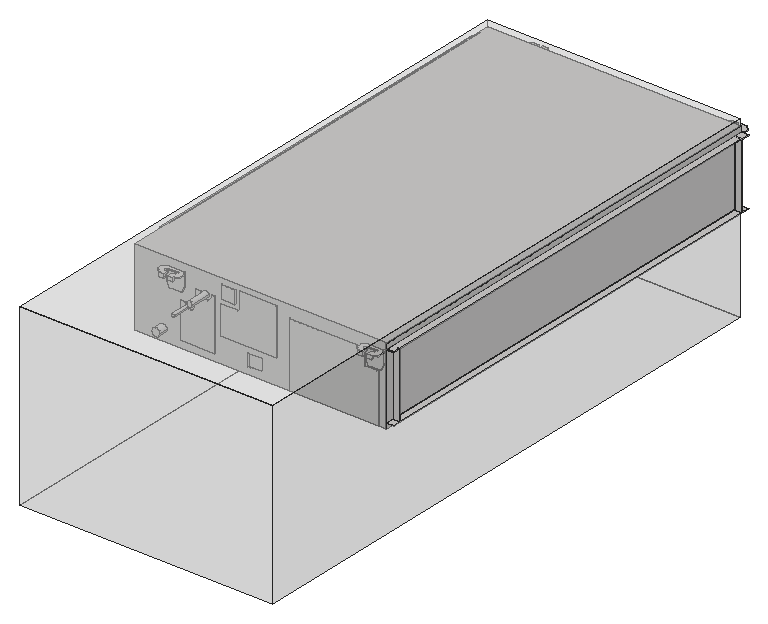
Revit family "outputfile", category 機械設備, Revit 2024
Family settings
  丸型コネクタ寸法 = 半径を使用
  パーツ タイプ = 標準
  OmniClass 番号 = 23.75.10.24.21.27.27
  OmniClass タイトル = Split System Air Conditioning Units
  作業面ベース = いいえ
  常に垂直 = はい
  ロード時にボイドで切り取り = いいえ
  注釈の向きを維持 = いいえ
  共有 = いいえ
  部屋計算ポイント = はい
Parameters (values of type "FBFC140DVM9")
  Description = ""
  製造元 = "Daikin"
  書き出し IFC クラス(タイプ) = "IfcUnitaryEquipmentType"
  定義済み IFC タイプ(タイプ) = "AIRCONDITIONINGUNIT"
  Cost = 0
  モデル = "FBFC140DVM9"
  Type Comments = ""
  Keynote = ""
  Type Image = (empty or 0)
  Assembly Code = ""
  switch_frequency = yes
  r_Liquid Pipe Size = Liquid Pipe Size / 2  # 4.75 mm
  r_Gas Pipe Size = Gas Pipe Size / 2  # 7.95 mm
  r_Drain Pipe Size = Drain Pipe Size / 2  # 12.5 mm
  lw_power = 770.0 mm  # constant formula
  lh_SA = 138.0 mm  # constant formula
  lw_SA = if(Depth = 550.0 mm, 225.0 mm, if(Depth = 700.0 mm, 300.0 mm, if(Depth = 1000.0 mm, 450.0 mm, if(Depth = 1400.0 mm, 650.0 mm, 725.0 mm))))  # 650.0 mm
  lw_RA = if(Depth = 550.0 mm, 275.0 mm, if(Depth = 700.0 mm, 349.0 mm, if(Depth = 1000.0 mm, 499.0 mm, if(Depth = 1400.0 mm, 699.0 mm, 775.0 mm))))  # 699.0 mm
  lh_power = 60.0 mm + [h***]  # 60.0 mm
  lh_mountinghole1 = lh_mountinghole + [h***]  # 222.0 mm
  lh_RA = 123.0 mm  # constant formula
  ld_power = Depth / 2  # 700.0 mm
  connector_voltage = Voltage_50Hz  # 230 V
  connector_powerinput = [Power Input (Cooling)]  # 0.000 kW
  connector_phase = Phase_50Hz  # 1
  Voltage_comment_50Hz = "220 - 240"
  Voltage_50Hz = 230 V
  URL = ""
  Supply Air Direction [instance] = yes
  Sound Power Level_H speed (dB) = 0
  Phase_50Hz = 1
  Minimum External Static Pressure = 50.00 Pa
  Minimum Circuit Amps_50Hz = 0.0 A
  Maximum Fuse Amps_50Hz = 0.0 A
  Maximum External Static Pressure = 150.00 Pa
  Material_Casing = DAIKIN_GalvanizedSteel_Casing_indoorunit
  lw_mountinghole = 630.0 mm  # constant formula
  lh_gaspipe = 183.0 mm + [h***]  # 183.0 mm
  lh_mountinghole = 222.0 mm  # constant formula
  lh_liquidpipe = 136.0 mm + [h***]  # 136.0 mm
  lh_drainpipe = 38.0 mm + [h***]  # 38.0 mm
  lh_antena = Height - lh_mountinghole + 1.0 mm  # 24.0 mm
  ld_drainpipe = Depth / 2 + 26.0 mm  # 726.0 mm
  ld_liquidpipe = Depth / 2 + 69.0 mm  # 769.0 mm
  ld_gaspipe = Depth / 2 + 65.0 mm  # 765.0 mm
  ld_mountinghole = Depth + 38.0 mm  # 1438.0 mm
  h*** = 0.0 mm  # constant formula
  lw_liquidpipe = 179.0 mm  # constant formula
  lw_gaspipe = 229.0 mm  # constant formula
  lw_drainpipe = 91.0 mm  # constant formula
  Width = 800.0 mm
  Version = "ver.1.0"
  Unit Type = "M.S.P. Duct"
  Unit Mass Weight = 46.00 kg
  Unit Designation [instance] = ""
  Uniclass2015Version = "Products v1.30"
  Uniclass2015Title = "Split coil room air conditioning units"
  Uniclass2015Code = "Pr_70_65_03_86"
  Total Cooling Capacity [instance] = 0.000 kW
  Sound Pressure Level_M speed (dBA) = 37.5
  Sound Pressure Level_L speed (dBA) = 35
  Sound Pressure Level_H speed (dBA) = 40
  Series = "SkyAir_Fan Coil Unit"
  Sensible Cooling Capacity [instance] = 0.000 kW
  SA Duct Size Width = 1192.0 mm
  SA Duct Size Height = 176.0 mm
  Refrigerant Type = "R32"
  RA Duct Size Width = 1352.0 mm
  RA Duct Size Height = 208.0 mm
  Power Input (Cooling) = 0.000 kW
  Option Accessory 3 [instance] = ""
  Option Accessory 2 [instance] = ""
  Option Accessory 1 [instance] = ""
  Nominal Cooling Capacity = 14.000 kW
  Minimum Airflow = 1500.00 m³/h
  Median Airflow = 1830.00 m³/h
  Maximum Airflow = 2160.00 m³/h
  Load Classification = HVAC
  Liquid Pipe Size = 9.5 mm
  Link_Nested Family [instance] = ""
  IfcVersion = ""
  IfcExportType = "AIRCONDITIONINGUNIT"
  IfcExportAs = "IfcUnitaryEquipmentType"
  Height = 245.0 mm
  Heat Exchanger Type = "Cross Fin Coil"
  Gas Pipe Size = 15.9 mm
  Frequency_50Hz = 50 Hz
  Fan Type = "Sirocco Fan"
  Fan Drive = "Direct Drive"
  FCU Tag No. [instance] = ""
  Drain Pipe Size = 25.0 mm
  Design Supply Airflow [instance] = 0.00 m³/h
  Design Return Airflow [instance] = 0.00 m³/h
  Design External Static Pressure [instance] = 0.00 Pa
  Depth = 1400.0 mm
  既定の高さ = 0.0 mm
  Cooling Entering Wet Bulb Temperature [instance] = 0.00 °C
  Cooling Entering Dry Bulb Temperature [instance] = 0.00 °C
  Cooling Ambient Wet Bulb Temperature [instance] = 0.00 °C
  Cooling Ambient Dry Bulb Temperature [instance] = 0.00 °C
  Clearance visibility [instance] = yes
  Clearance Top = 20.0 mm
  Clearance Right = 0.0 mm
  Clearance Rear = 0.0 mm
  Clearance Left = 0.0 mm
  Clearance Front = 450.0 mm
  Clearance Bottom = 300.0 mm
Reference planes
  plane 1 "Center (Front/Back)": y = 0
  plane 2 "h": z = 0
  plane 3 "Center (Left/Right)": x = 0
  plane 4 "Back": y = 700
  plane 5 "Front": y = -700
  plane 6 "Left": x = -400
  plane 7 "Right": x = 400
  plane 8 "Top": z = 0
  plane 9 "Bottom": z = -245
  plane 10: y = -215
  plane 11: y = 700
  plane 12: y = -1150
  plane 13: x = -400
  plane 14: x = 400
  plane 15: z = 20
  plane 16: z = -545
  plane 17: x = -400
  plane 18: x = -399
  plane 19: x = 399
  plane 20: y = 50
  plane 21: y = -1
  plane 22: z = -122
  plane 23: y = -701
  plane 24: z = -109
  plane 25: x = -221
  plane 26: y = -765
  plane 27: z = -62
  plane 28: x = -171
  plane 29: y = -726
  plane 30: z = -207
  plane 31: x = -309
  plane 32: x = -309
  plane 33: x = -221
  plane 34: x = -171
  plane 35: x = 370
  plane 36: x = -266
  plane 37: x = 364
  plane 38: y = -719
  plane 39: y = 719
  plane 40: z = -23
  plane 41: z = -107
  plane 42: y = -769
  plane 43: y = -376
  plane 44: x = -251
  plane 45: x = -203
  plane 46: x = -144
  plane 47: z = -59
  plane 48: z = -106
  plane 49: z = -221
  plane 50: z = -109
  plane 51: x = -221
  plane 52: z = -62
  plane 53: x = -171
  plane 54: z = -17
  plane 55: z = -59
  plane 56: x = -121
  plane 57: x = -79
  plane 58: x = -125
  plane 59: x = -64
  plane 60: x = 53
  plane 61: z = -164
  plane 62: z = -73
  plane 63: z = -16
  plane 64: x = 93.5
  plane 65: x = 374.5
  plane 66: x = 330
  plane 67: z = -88.5
  plane 68: z = -38
  plane 69: z = -242.5
  plane 70: x = -38.5
  plane 71: x = 6.5
  plane 72: z = -181
  plane 73: z = -221
  plane 74: y = -699
  plane 75: x = -424
  plane 76: x = 424
Forms (mm)
  Extrusion 1, solid, material "DAIKIN_GalvanizedSteel_Casing_indoorunit" <- "Material_Casing"
    sketch origin (0, 0, 0) x (1, 0, 0) y (0, 1, 0)
      loop
        line (-399, 700) -> (-399, -700) -> (399, -700) -> (399, 700) -> (-399, 700)
    from -245 to 0
  Extrusion 2, solid, material "DAIKIN_GalvanizedSteel_Casing_indoorunit" <- "Material_Casing"
    sketch origin (0, 0, 0) x (1, 0, 0) y (0, 0, 1)
      loop
        line (-251, -221) -> (-144, -221) -> (-144, -59) -> (-154.47, -59)
        arc (-154.47, -59) -> (-171, -78.8) -> (-187.53, -59) r 16.8
        line (-187.53, -59) -> (-203, -59) -> (-203, -106) -> (-206.916, -106)
        arc (-206.916, -106) -> (-221, -123.4) -> (-235.084, -106) r 14.4
        line (-235.084, -106) -> (-251, -106) -> (-251, -221)
    from 700 to 701
  Extrusion 3, solid, material "DAIKIN_GalvanizedSteel_Casing_indoorunit" <- "Material_Casing"
    sketch origin (0, 0, 0) x (1, 0, 0) y (0, 0, 1)
      loop
        line (-121, -17) -> (-121, -59) -> (-79, -59) -> (-79, -17) -> (-121, -17)
      loop
        line (-125, -73) -> (-125, -164) -> (53, -164) -> (53, -16) -> (-64, -16) -> (-64, -73) -> (-125, -73)
    from 700 to 701
  Extrusion 4, solid, material "DAIKIN_GalvanizedSteel_Casing_indoorunit" <- "Material_Casing"
    sketch origin (0, 0, 0) x (1, 0, 0) y (0, 0, 1)
      loop
        line (93.5, -38) -> (93.5, -242.5) -> (374.5, -242.5) -> (374.5, -88.5) -> (330, -88.5) -> (330, -38) -> (93.5, -38)
    from 700 to 701
  Extrusion 5, solid, material "DAIKIN_GalvanizedSteel_Casing_indoorunit" <- "Material_Casing"
    sketch origin (0, 0, 0) x (1, 0, 0) y (0, 0, 1)
      loop
        circle (-221, -109) r 4.75
    from 700 to 769
  Extrusion 6, solid, material "DAIKIN_GalvanizedSteel_Casing_indoorunit" <- "Material_Casing"
    sketch origin (0, 0, 0) x (1, 0, 0) y (0, 0, 1)
      loop
        circle (-171, -62) r 7.95
    from 700 to 765
  Extrusion 7, solid, material "DAIKIN_GalvanizedSteel_Casing_indoorunit" <- "Material_Casing"
    sketch origin (0, 0, 0) x (1, 0, 0) y (0, 0, 1)
      loop
        circle (-309, -207) r 12.5
    from 700 to 726
  Extrusion 8, void
    sketch origin (0, 0, 0) x (1, 0, 0) y (0, 0, 1)
      loop
        line (-38.5, -181) -> (-38.5, -221) -> (6.5, -221) -> (6.5, -181) -> (-38.5, -181)
    from 699 to 700
Cuts and joins
  Extrusion 8 cuts Extrusion 1
Dimensions and locks
  "Height": plane 8 "Top" to plane 9 "Bottom"
  equal spacing: plane 4 "Back", plane 1 "Center (Front/Back)", plane 5 "Front"
  "Depth": plane 4 "Back" to plane 5 "Front"
  equal spacing: plane 6 "Left", plane 3 "Center (Left/Right)", plane 7 "Right"
  "Width": plane 6 "Left" to plane 7 "Right"
  "Clearance Left": plane 13 to plane 6 "Left"
  "Clearance Right": plane 7 "Right" to plane 14
  "Clearance Rear": plane 11 to plane 4 "Back"
  "Clearance Front": plane 5 "Front" to plane 12
  "Clearance Top": plane 15 to plane 8 "Top"
  "Clearance Bottom": plane 9 "Bottom" to plane 16
  locked: plane 17 to plane 18 at 1
  locked: plane 19 to plane 14 at 1
  "lw_SA": plane 11 to plane 20
  "lw_RA": plane 21 to plane 5 "Front"
  "lh_RA": plane 22 to plane 9 "Bottom"
  locked: plane 5 "Front" to plane 23 at 1
  "lw_liquidpipe": plane 25 to plane 6 "Left"
  "lh_liquidpipe": plane 24 to plane 9 "Bottom"
  "lh_gaspipe": plane 27 to plane 9 "Bottom"
  "lw_gaspipe": plane 28 to plane 6 "Left"
  "ld_gaspipe": plane 26 to plane 1 "Center (Front/Back)"
  "ld_drainpipe": plane 29 to plane 1 "Center (Front/Back)"
  "lh_drainpipe": plane 30 to plane 9 "Bottom"
  "lw_drainpipe": plane 31 to plane 6 "Left"
  "lw_drainpipe": plane 6 "Left" to plane 32
  "lw_liquidpipe": plane 6 "Left" to plane 33
  "lw_gaspipe": plane 6 "Left" to plane 34
  "lw_power": plane 6 "Left" to plane 35
  locked: plane 17 to plane 36 at 134
  "lw_mountinghole": plane 36 to plane 37
  equal spacing: plane 38, plane 1 "Center (Front/Back)", plane 39
  "ld_mountinghole": plane 39 to plane 38
  "lh_mountinghole": plane 40 to plane 9 "Bottom"
  "lh_SA": plane 41 to plane 9 "Bottom"
  plane 46 to plane 45 to plane 44 to plane 6 "Left" = 59.0 mm, 48.0 mm, 149.0 mm
  plane 8 "Top" to plane 47 to plane 48 to plane 49 = 59.0 mm locked, 47.0 mm locked, 115.0 mm locked
  plane 53 to plane 51 to plane 6 "Left" = 50.0 mm locked, 179.0 mm locked
  plane 52 to plane 50 to plane 9 "Bottom" = 47.0 mm locked, 136.0 mm locked
  plane 57 to plane 56 to plane 6 "Left" = 42.0 mm locked, 279.0 mm locked
  plane 8 "Top" to plane 54 to plane 55 = 17.0 mm locked, 42.0 mm locked
  plane 60 to plane 59 to plane 58 to plane 6 "Left" = 117.0 mm, 61.0 mm, 275.0 mm
  plane 8 "Top" to plane 63 to plane 62 = 16.0 mm locked, 57.0 mm locked
  locked: plane 63 to plane 61 at 148
  plane 8 "Top" to plane 68 to plane 67 to plane 69 = 38.0 mm locked, 50.5 mm locked, 154.0 mm locked
  plane 65 to plane 66 to plane 64 to plane 6 "Left" = 44.5 mm locked, 236.5 mm locked, 493.5 mm locked
  plane 8 "Top" to plane 72 to plane 73 = 181.0 mm locked, 40.0 mm locked
  plane 71 to plane 70 to plane 6 "Left" = 45.0 mm, 361.5 mm
  locked: plane 74 to plane 5 "Front" at 1
  locked: plane 75 to plane 17 at 24
  locked: plane 14 to plane 76 at 24
  "ld_liquidpipe": plane 42 to plane 1 "Center (Front/Back)"
  "r_Liquid Pipe Size": radius of Extrusion 5 sketch curve
  "r_Gas Pipe Size": radius of Extrusion 6 sketch curve
  "r_Drain Pipe Size": radius of Extrusion 7 sketch curve
  aligned and locked: level to plane 2 "h"
  aligned and locked: plane 8 "Top" to Extrusion 1
  aligned and locked: Extrusion 1 to plane 9 "Bottom"
  aligned and locked: nested 5 to plane 12
  aligned and locked: plane 13 to nested 5
  aligned and locked: plane 14 to nested 5
  aligned and locked: nested 5 to plane 13
  aligned and locked: plane 11 to nested 5
  aligned and locked: plane 15 to nested 5
  aligned and locked: plane 16 to nested 5
  aligned and locked: plane 5 "Front" to Extrusion 1 sketch curve
  aligned and locked: Extrusion 1 to plane 18
  aligned and locked: plane 19 to Extrusion 1
  aligned and locked: nested 7 to plane 18
  aligned and locked: nested 7 to plane 20
  aligned and locked: plane 19 to nested 8
  aligned and locked: plane 21 to nested 8
  aligned and locked: plane 22 to nested 8
  aligned and locked: Extrusion 2 to plane 23
  aligned and locked: plane 5 "Front" to Extrusion 2
  aligned and locked: Extrusion 3 to plane 23
  aligned and locked: plane 5 "Front" to Extrusion 3
  aligned and locked: plane 5 "Front" to Extrusion 4
  aligned and locked: Extrusion 5 sketch curve to plane 25
  aligned and locked: plane 24 to Extrusion 5 sketch curve
  aligned and locked: plane 5 "Front" to Extrusion 5
  aligned and locked: Extrusion 6 sketch curve to plane 28
  aligned and locked: plane 27 to Extrusion 6 sketch curve
  aligned and locked: plane 5 "Front" to Extrusion 6
  aligned and locked: Extrusion 7 sketch curve to plane 31
  aligned and locked: plane 30 to Extrusion 7 sketch curve
  aligned and locked: Extrusion 7 to plane 29
  aligned and locked: nested 3 to plane 29
  aligned and locked: nested 3 to plane 32
  aligned and locked: nested 2 to plane 33
  aligned and locked: nested 1 to plane 34
  aligned and locked: Extrusion 6 to plane 26
  aligned and locked: nested 1 to plane 26
  aligned and locked: nested 6 to plane 5 "Front"
  aligned and locked: nested 6 to plane 35
  aligned and locked: plane 36 to nested 10
  aligned and locked: nested 10 to plane 5 "Front"
  aligned and locked: plane 37 to nested 9
  aligned and locked: nested 9 to plane 5 "Front"
  aligned and locked: nested 11 to plane 36
  aligned and locked: plane 4 "Back" to nested 11
  aligned and locked: nested 12 to plane 37
  aligned and locked: plane 4 "Back" to nested 12
  aligned and locked: plane 40 to nested 10
  aligned and locked: plane 40 to nested 11
  aligned and locked: plane 40 to nested 9
  aligned and locked: plane 40 to nested 12
  aligned and locked: plane 36 to nested 14
  aligned and locked: nested 14 to plane 39
  aligned and locked: plane 37 to nested 13
  aligned and locked: nested 13 to plane 39
  aligned and locked: plane 37 to nested 16
  aligned and locked: plane 38 to nested 16
  aligned and locked: plane 38 to nested 15
  aligned and locked: plane 36 to nested 15
  aligned and locked: plane 17 to plane 6 "Left"
  aligned and locked: plane 41 to nested 7
  aligned and locked: Extrusion 5 to plane 42
  aligned and locked: nested 2 to plane 42
  aligned and locked: Extrusion 3 sketch curve to plane 54
  aligned and locked: Extrusion 3 sketch curve to plane 56
  aligned and locked: plane 55 to Extrusion 3 sketch curve
  aligned and locked: plane 57 to Extrusion 3 sketch curve
  aligned and locked: Extrusion 4 to plane 23
  aligned and locked: Extrusion 8 sketch curve to plane 72
  aligned and locked: plane 73 to Extrusion 8 sketch curve
  aligned and locked: plane 71 to Extrusion 8 sketch curve
  aligned and locked: plane 5 "Front" to Extrusion 8
  aligned and locked: plane 74 to Extrusion 8
  aligned and locked: nested 17 to plane 20
  aligned and locked: nested 17 to plane 75
  aligned and locked: plane 21 to nested 18
  aligned and locked: plane 76 to nested 18
  aligned and locked: plane 41 to nested 17
  aligned and locked: nested 18 to plane 22
  aligned and locked: nested 4 to plane 3 "Center (Left/Right)"
  aligned and locked: plane 1 "Center (Front/Back)" to nested 4
  aligned and locked: level to plane 8 "Top"
  aligned and locked: plane 5 "Front" to Extrusion 7
Automatic sketch dimensions
  plane 6 "Left" to Extrusion 1 sketch curve = 1.0 mm
  Extrusion 1 sketch curve to plane 7 "Right" = 1.0 mm
  Extrusion 1 sketch curve to plane 4 "Back" = 0.0 mm
  Extrusion 2 sketch curve to plane 44 = 0.0 mm
  Extrusion 2 sketch curve to plane 33 = 0.0 mm
  Extrusion 2 sketch curve to plane 45 = 0.0 mm
  Extrusion 2 sketch curve to plane 34 = 0.0 mm
  Extrusion 2 sketch curve to plane 46 = 0.0 mm
  Extrusion 2 sketch curve to plane 49 = 0.0 mm
  Extrusion 2 sketch curve to plane 50 = 0.0 mm
  Extrusion 2 sketch curve to plane 48 = 0.0 mm  (x3)
  Extrusion 2 sketch curve to plane 52 = 0.0 mm
  Extrusion 2 sketch curve to plane 47 = 0.0 mm  (x3)
  plane 33 to Extrusion 2 sketch curve = 14.084 mm
  plane 34 to Extrusion 2 sketch curve = 16.53 mm
  Extrusion 3 sketch curve to plane 58 = 0.0 mm
  Extrusion 3 sketch curve to plane 59 = 0.0 mm
  Extrusion 3 sketch curve to plane 60 = 0.0 mm
  Extrusion 3 sketch curve to plane 61 = 0.0 mm
  Extrusion 3 sketch curve to plane 62 = 0.0 mm
  Extrusion 3 sketch curve to plane 63 = 0.0 mm
  Extrusion 4 sketch curve to plane 64 = 0.0 mm
  Extrusion 4 sketch curve to plane 66 = 0.0 mm
  Extrusion 4 sketch curve to plane 65 = 0.0 mm
  Extrusion 4 sketch curve to plane 69 = 0.0 mm
  Extrusion 4 sketch curve to plane 67 = 0.0 mm
  Extrusion 4 sketch curve to plane 68 = 0.0 mm
  Extrusion 8 sketch curve to plane 70 = 0.0 mm
Nested families
  nested 1: "daikin_connector_rotate2" at (-171, 0, -62), length <- "ld_gaspipe", built-in parameter 1001364 <- "lh_gaspipe", radius <- "r_Gas Pipe Size", type "daikin_connector_rotate2"
    with radius 7.95 mm, length 765.0 mm, angle_vertical 90.00°
  nested 2: "daikin_connector_rotate2" at (-221, 0, -109), length <- "ld_liquidpipe", built-in parameter 1001364 <- "lh_liquidpipe", radius <- "r_Liquid Pipe Size", type "daikin_connector_rotate2"
    with radius 4.75 mm, length 769.0 mm, angle_vertical 90.00°
  nested 3: "daikin_connector_rotate2" at (-309, 0, -207), length <- "ld_drainpipe", built-in parameter 1001364 <- "lh_drainpipe", radius <- "r_Drain Pipe Size", type "daikin_connector_rotate2"
    with radius 12.5 mm, length 726.0 mm, angle_vertical 90.00°
  nested 4: "daikin_△_symbolicline" at (0, 0, 245) x (0, -1, 0) z (0, 0, 1), built-in parameter 1001364 <- "Height", visible <- "Supply Air Direction", type "daikin_△_symbolicline"
    with length 200.0 mm
  nested 5: "daikin_clearancespace" at (0, -225, -262.381), visible <- "Clearance visibility", show <- "Clearance visibility", Link_Nested Family <- "Link_Nested Family", type "daikin_clearancespace"
    with width 800.0 mm, show yes, height 565.0 mm, depth 1850.0 mm, Link_Nested Family ""
  nested 6: "daikin_connector_rotate2" at (370, 0, -185), built-in parameter 1001364 <- "lh_power", length <- "ld_power", type "daikin_connector_rotate2"
    with radius 10.0 mm, length 700.0 mm, angle_vertical 90.00°
  nested 7: "daikin_ductflange_FBFC-DVM92" at (-399, 50, -107) x (0, -1, 0) z (0, 0, 1), type "daikin_ductflange_FBFC-DVM92"
  nested 8: "daikin_ductflange_FBFC-DVM9" at (399, -1, -122) x (0, 1, 0) z (0, 0, 1), type "daikin_ductflange_FBFC-DVM9"
    with width 1352.0 mm, lw 25.0 mm, w 1400.0 mm
  nested 9: "daikin_hangerfixture_FBFC-DVM9" at (364, -700, -23), type "daikin_hangerfixture_FBFC-DVM9"
  nested 10: "daikin_hangerfixture_FBFC-DVM9" at (-266, -700, -23), type "daikin_hangerfixture_FBFC-DVM9"
  nested 11: "daikin_hangerfixture_FBFC-DVM9" at (-266, 700, -23) x (-1, 0, 0) z (0, 0, 1), type "daikin_hangerfixture_FBFC-DVM9"
  nested 12: "daikin_hangerfixture_FBFC-DVM9" at (364, 700, -23) x (-1, 0, 0) z (0, 0, 1), type "daikin_hangerfixture_FBFC-DVM9"
  nested 13: "daikin_mountinghole" at (364, 719, -245), h_mountinghole <- "lh_mountinghole1", l_antenna <- "lh_antena", Link_Nested Family <- "Link_Nested Family", type "daikin_mountinghole"
    with show yes, l_antenna 24.0 mm, h_mountinghole 222.0 mm, Link_Nested Family ""
  nested 14: "daikin_mountinghole" at (-266, 719, -245), h_mountinghole <- "lh_mountinghole1", l_antenna <- "lh_antena", Link_Nested Family <- "Link_Nested Family", type "daikin_mountinghole"
    with show yes, l_antenna 24.0 mm, h_mountinghole 222.0 mm, Link_Nested Family ""
  nested 15: "daikin_mountinghole" at (-266, -719, -245), h_mountinghole <- "lh_mountinghole1", l_antenna <- "lh_antena", Link_Nested Family <- "Link_Nested Family", type "daikin_mountinghole"
    with show yes, l_antenna 24.0 mm, h_mountinghole 222.0 mm, Link_Nested Family ""
  nested 16: "daikin_mountinghole" at (364, -719, -245), h_mountinghole <- "lh_mountinghole1", l_antenna <- "lh_antena", Link_Nested Family <- "Link_Nested Family", type "daikin_mountinghole"
    with show yes, l_antenna 24.0 mm, h_mountinghole 222.0 mm, Link_Nested Family ""
  nested 17: "daikin_connector_rotate2" at (-400, 50, -107) x (0, -1, 0) z (0, 0, 1), type "daikin_connector_rotate2"
    with radius 10.0 mm, length 24.0 mm, angle_vertical 90.00°
  nested 18: "daikin_connector_rotate2" at (400, -1, -122) x (0, 1, 0) z (0, 0, 1), type "daikin_connector_rotate2"
    with radius 10.0 mm, length 24.0 mm, angle_vertical 90.00°
Connectors
  piping at (-309, -726, -207), diameter 25, driven by "r_Drain Pipe Size"
    settings: on nested 3, index 3, connector inside diameter 609.6 mm, connector length 0.0 mm, flow factor 0, pipe flow 0.00 m³/h, pressure drop 0.0 Pa, fitting loss kfactor 0, connector angle 0.00°, fixture units 0, engagement length 0.0 mm, angle of deflection 0.00°, flow configuration 1, flow direction 2, fitting loss method 4, system type 16, joint type 0, gender type 0, connector reference index -1, connector utility 0, adjustable connector no, is connector primary yes, connector description "Condensate Drain Piping"
  piping at (-171, -765, -62), diameter 15.9, driven by "r_Gas Pipe Size"
    settings: on nested 1, index 4, connector inside diameter 609.6 mm, connector length 0.0 mm, flow factor 0, pipe flow 0.00 m³/h, pressure drop 0.0 Pa, fitting loss kfactor 0, connector angle 0.00°, fixture units 0, engagement length 0.0 mm, angle of deflection 0.00°, flow configuration 1, flow direction 2, fitting loss method 0, system type 29, joint type 0, gender type 0, connector reference index -1, connector utility 0, adjustable connector no, is connector primary no, connector description "Refrigerant Gas Piping"
  piping at (-221, -769, -109), diameter 9.5, driven by "r_Liquid Pipe Size"
    settings: on nested 2, index 5, connector inside diameter 609.6 mm, connector length 0.0 mm, flow factor 0, pipe flow 0.00 m³/h, pressure drop 0.0 Pa, fitting loss kfactor 0, connector angle 0.00°, fixture units 0, engagement length 0.0 mm, angle of deflection 0.00°, flow configuration 1, flow direction 1, fitting loss method 0, system type 29, joint type 0, gender type 0, connector reference index -1, connector utility 0, adjustable connector no, is connector primary no, connector description "Refrigerant Liquid Piping"
  electrical at (370, -700, -185), driven by "Load Classification", driven by "connector_phase", driven by "connector_powerinput", driven by "connector_voltage"
    settings: on nested 6, index 6, voltage 230 V, apparent load 0 VA, apparent load phase1 0 VA, apparent load phase2 0 VA, apparent load phase3 0 VA, power factor 1, load classification "HVAC", number of poles 1, system type 30, power factor state 1, is connector primary yes, connector utility no, sub classification motor no, connector description "Power Supply"
  hvac at (-424, 50, -107), driven by "SA Duct Size Height", driven by "SA Duct Size Width"
    settings: on nested 17, index 7, duct flow 0.00 m³/h, flow factor 0, pres drop 0.00 Pa, loss coef 0, conn angle 0.00°, conn width 1192.0 mm, conn height 176.0 mm, conn diameter 609.6 mm, duct sys type 1, conn prof type 1, flow config 0, flow direction 2, loss method 4, conn ref index -1, conn util no, is conn primary yes, conn desc "SA Duct"
  hvac at (424, -1, -122), driven by "RA Duct Size Height", driven by "RA Duct Size Width"
    settings: on nested 18, index 8, duct flow 0.00 m³/h, flow factor 0, pres drop 0.00 Pa, loss coef 0, conn angle 0.00°, conn width 1352.0 mm, conn height 208.0 mm, conn diameter 609.6 mm, duct sys type 2, conn prof type 1, flow config 0, flow direction 1, loss method 4, conn ref index -1, conn util no, is conn primary no, conn desc "RA Duct"
Definition of nested family "daikin_clearancespace"
  Parameters (values of type "daikin_clearancespace")
    Description = "daikin_clearancespace"
    width [instance] = 1823.963 mm
    show [instance] = yes
    material = none
    height [instance] = 1359.762 mm
    depth [instance] = 880.0 mm
    Default Elevation = 0.0 mm
    Link_Nested Family [instance] = ""
  Reference planes
    plane 1 "Center (Front/Back)": y = 0
    plane 2 "Center (Elevation)": z = -0.119
    plane 3 "Center (Left/Right)": x = 0
    plane 4: y = 440
    plane 5: y = -440
    plane 6 "Right": x = 911.982
    plane 7 "Left": x = -911.982
    plane 8 "Top": z = 679.762
    plane 9 "Bottom": z = -680
  Forms (mm)
    Extrusion 1, solid, material <- "material", visible <- "show"
      sketch origin (0, 0, 0) x (1, 0, 0) y (0, 1, 0)
        loop
          line (-911.982, 440) -> (-911.982, -440) -> (911.982, -440) -> (911.982, 440) -> (-911.982, 440)
      from -680 to 679.762
  Lines and regions (mm)
    symbolic lines, visible <- "show"
      curve 1: line (911.982, 440, 0) -> (-911.982, 440, 0)
      curve 2: line (-911.982, 440, 0) -> (-911.982, -440, 0)
      curve 3: line (-911.982, -440, 0) -> (911.982, -440, 0)
      curve 4: line (911.982, -440, 0) -> (911.982, 440, 0)
      curve 5: line (911.982, 0, 679.762) -> (-911.982, 0, 679.762)
      curve 6: line (911.982, 0, -680) -> (911.982, 0, 679.762)
      curve 7: line (-911.982, 0, -680) -> (911.982, 0, -680)
      curve 8: line (-911.982, 0, 679.762) -> (-911.982, 0, -680)
      curve 9: line (0, 440, 679.762) -> (0, -440, 679.762)
      curve 10: line (0, -440, 679.762) -> (0, -440, -680)
      curve 11: line (0, 440, -680) -> (0, 440, 679.762)
      curve 12: line (0, -440, -680) -> (0, 440, -680)
  Dimensions and locks
    "width": plane 7 "Left" to plane 6 "Right"
    "depth": plane 4 to plane 5
    "height": plane 8 "Top" to plane 9 "Bottom"
    equal spacing: plane 7 "Left", plane 3 "Center (Left/Right)", plane 6 "Right"
    equal spacing: plane 4, plane 1 "Center (Front/Back)", plane 5
    equal spacing: plane 8 "Top", plane 2 "Center (Elevation)", plane 9 "Bottom"
    aligned and locked: level to plane 2 "Center (Elevation)"
    aligned and locked: Extrusion 1 sketch curve to plane 4
    aligned and locked: plane 7 "Left" to Extrusion 1 sketch curve
    aligned and locked: Extrusion 1 sketch curve to plane 5
    aligned and locked: Extrusion 1 sketch curve to plane 6 "Right"
    aligned and locked: plane 8 "Top" to Extrusion 1
    aligned and locked: curve 1 to Extrusion 1
    aligned and locked: curve 2 to Extrusion 1
    aligned and locked: curve 3 to Extrusion 1
    aligned and locked: curve 4 to Extrusion 1
    aligned and locked: curve 5 to Extrusion 1
    aligned and locked: curve 6 to Extrusion 1
    aligned and locked: curve 7 to Extrusion 1
    aligned and locked: curve 8 to Extrusion 1
    aligned and locked: curve 9 to Extrusion 1
    aligned and locked: curve 10 to Extrusion 1
    aligned and locked: curve 11 to Extrusion 1
    aligned and locked: curve 12 to Extrusion 1
    aligned and locked: Extrusion 1 to plane 9 "Bottom"
Definition of nested family "daikin_ductflange_FBFC-DVM92"
  Parameters (values of type "daikin_ductflange_FBFC-DVMG2")
    width = if(w = 550.0 mm, 337.0 mm, if(w = 700.0 mm, 492.0 mm, if(w = 1000.0 mm, 792.0 mm, if(w = 1400.0 mm, 1192.0 mm, 1337.0 mm))))  # 1192.0 mm
    material = none
    height = 215.0 mm
    depth = 1.0 mm
    w = 1400.0 mm
    Default Elevation = 0.0 mm
  Reference planes
    plane 1 "Center (Front/Back)": y = 0
    plane 2: z = 0
    plane 3 "Center (Left/Right)": x = 0
    plane 4: z = 88
    plane 5: z = -88
    plane 6: y = -25
    plane 7: z = 106
    plane 8: z = 89
    plane 9: y = -1
    plane 10: x = -617.5
    plane 11: x = 617.5
    plane 12: z = -106
    plane 13: z = -89
    plane 14: y = -1
    plane 15: x = 596
    plane 16: x = -596
    plane 17: x = 597
    plane 18: z = 87
    plane 19: z = -87
    plane 20: x = -597
    plane 21: z = 87
    plane 22: z = -87
    plane 23: y = -1
  Forms (mm)
    Extrusion 1, solid, material <- "material"
      sketch origin (0, 0, 0) x (0, 1, 0) y (0, 0, 1)
        loop
          line (-25, 88) -> (0, 88) -> (0, 106) -> (-1, 106) -> (-1, 89) -> (-25, 89) -> (-25, 88)
      from -617.5 to 617.5
    Extrusion 2, solid, material <- "material"
      sketch origin (0, 0, 0) x (0, 1, 0) y (0, 0, 1)
        loop
          line (-25, -88) -> (-25, -89) -> (-1, -89) -> (-1, -106) -> (0, -106) -> (0, -88) -> (-25, -88)
      from -617.5 to 617.5
    Extrusion 3, solid, material <- "material"
      sketch origin (0, 0, 0) x (1, 0, 0) y (0, 0, 1)
        loop
          line (596, 88) -> (596, -88) -> (617.5, -88) -> (617.5, -87) -> (597, -87) -> (597, 87) -> (617.5, 87) -> (617.5, 88) -> (596, 88)
      from 0 to 25
    Extrusion 4, solid, material <- "material"
      sketch origin (0, 0, 0) x (1, 0, 0) y (0, 0, 1)
        loop
          line (-617.5, 88) -> (-617.5, 87) -> (-597, 87) -> (-597, -87) -> (-617.5, -87) -> (-617.5, -88) -> (-596, -88) -> (-596, 88) -> (-617.5, 88)
      from 0 to 25
    Extrusion 5, solid, material <- "material"
      sketch origin (0, 0, 0) x (1, 0, 0) y (0, 0, 1)
        loop
          line (-617.5, 88) -> (-617.5, -88) -> (-596, -88) -> (-596, 88) -> (-617.5, 88)
        loop
          line (617.5, 88) -> (596, 88) -> (596, -88) -> (617.5, -88) -> (617.5, 88)
      from 0 to 1
  Cuts and joins
    joined: Extrusion 1, Extrusion 2, Extrusion 3, Extrusion 4, Extrusion 5
  Dimensions and locks
    plane 4 to level to plane 5 = 88.0 mm, 88.0 mm
    locked: plane 6 to plane 1 "Center (Front/Back)" at 25
    locked: plane 9 to plane 1 "Center (Front/Back)" at 1
    locked: plane 8 to plane 4 at 1
    locked: plane 16 to plane 10 at 21.5
    locked: plane 17 to plane 15 at 1
    locked: plane 4 to plane 18 at 1
    locked: plane 19 to plane 5 at 1
    "width": plane 15 to plane 16
    plane 4 to plane 5 = 176.0 mm
    locked: plane 16 to plane 20 at 1
    locked: plane 4 to plane 21 at 1
    locked: plane 22 to plane 5 at 1
    locked: plane 23 to plane 1 "Center (Front/Back)" at 1
    plane 4 to level to plane 5 = 88.0 mm locked, 88.0 mm locked
    locked: plane 5 to plane 13 at 1
    locked: plane 5 to plane 12 at 18
    locked: plane 7 to plane 4 at 18
    equal spacing: plane 15, plane 3 "Center (Left/Right)", plane 16
    locked: plane 11 to plane 15 at 21.5
    plane 11 to plane 10 = 1235.0 mm
    aligned and locked: level to plane 2
    aligned and locked: Extrusion 1 to plane 10
    aligned and locked: plane 11 to Extrusion 1
    aligned and locked: plane 5 to Extrusion 2
    aligned and locked: Extrusion 2 to plane 1 "Center (Front/Back)"
    aligned and locked: plane 15 to Extrusion 3 sketch curve
    aligned and locked: Extrusion 3 sketch curve to Extrusion 2  (x2)
    aligned and locked: Extrusion 3 sketch curve to plane 11
    aligned and locked: plane 6 to Extrusion 3
    aligned and locked: Extrusion 2 to plane 10
    aligned and locked: plane 11 to Extrusion 2
    aligned and locked: Extrusion 4 sketch curve to Extrusion 1  (x2)
    aligned and locked: plane 5 to Extrusion 4 sketch curve
    aligned and locked: Extrusion 4 sketch curve to plane 16
    aligned and locked: Extrusion 4 sketch curve to plane 22
    aligned and locked: plane 20 to Extrusion 4 sketch curve
    aligned and locked: plane 21 to Extrusion 4 sketch curve
    aligned and locked: Extrusion 4 to plane 1 "Center (Front/Back)"
    aligned and locked: plane 6 to Extrusion 4
    aligned and locked: Extrusion 5 sketch curve to Extrusion 1  (x4)
    aligned and locked: Extrusion 5 sketch curve to Extrusion 4  (x2)
    aligned and locked: Extrusion 5 sketch curve to Extrusion 3  (x2)
    aligned and locked: Extrusion 5 to plane 1 "Center (Front/Back)"
    aligned and locked: plane 23 to Extrusion 5
  Automatic sketch dimensions
    Extrusion 1 sketch curve to plane 6 = 0.0 mm
    Extrusion 1 sketch curve to plane 7 = 0.0 mm
    Extrusion 1 sketch curve to plane 9 = 0.0 mm
    Extrusion 1 sketch curve to plane 1 "Center (Front/Back)" = 0.0 mm
    Extrusion 1 sketch curve to plane 4 = 0.0 mm
    Extrusion 1 sketch curve to plane 8 = 0.0 mm
    Extrusion 2 sketch curve to plane 6 = 0.0 mm
    plane 12 to Extrusion 2 sketch curve = 0.0 mm
    Extrusion 2 sketch curve to plane 14 = 0.0 mm
    Extrusion 2 sketch curve to plane 1 "Center (Front/Back)" = 0.0 mm
    plane 13 to Extrusion 2 sketch curve = 0.0 mm
    Extrusion 2 sketch curve to plane 5 = 0.0 mm
    Extrusion 3 sketch curve to plane 17 = 0.0 mm
    Extrusion 3 sketch curve to plane 19 = 0.0 mm
    Extrusion 3 sketch curve to plane 18 = 0.0 mm
    Extrusion 3 sketch curve to plane 4 = 0.0 mm
    Extrusion 4 sketch curve to plane 10 = 0.0 mm
Definition of nested family "daikin_ductflange_FBFC-DVM9"
  Parameters (values of type "daikin_ductflange_FBFC-DVMG")
    width = if(w = 550.0 mm, 502.0 mm, if(w = 700.0 mm, 654.0 mm, if(w = 1000.0 mm, 952.0 mm, if(w = 1400.0 mm, 1352.0 mm, 1502.0 mm))))  # 654.0 mm
    material = none
    lw = if(width = 654.0 mm, 23.0 mm, 25.0 mm)  # 23.0 mm
    height = 208.0 mm
    depth = 1.0 mm
    w = 700.0 mm
    Default Elevation = 0.0 mm
  Reference planes
    plane 1 "Center (Front/Back)": y = 0
    plane 2: z = 0
    plane 3 "Center (Left/Right)": x = 0
    plane 4: z = 104
    plane 5: z = -104
    plane 6: y = -25
    plane 7: z = 121
    plane 8: z = 105
    plane 9: y = -1
    plane 10: x = -350
    plane 11: x = 350
    plane 12: z = -122
    plane 13: z = -105
    plane 14: y = -1
    plane 15: x = 327
    plane 16: x = -327
    plane 17: x = 328
    plane 18: z = 103
    plane 19: z = -103
    plane 20: x = -328
    plane 21: z = 103
    plane 22: z = -103
    plane 23: y = -1
  Forms (mm)
    Extrusion 1, solid, material <- "material"
      sketch origin (0, 0, 0) x (0, 1, 0) y (0, 0, 1)
        loop
          line (-25, 104) -> (0, 104) -> (0, 121) -> (-1, 121) -> (-1, 105) -> (-25, 105) -> (-25, 104)
      from -350 to 350
    Extrusion 2, solid, material <- "material"
      sketch origin (0, 0, 0) x (0, 1, 0) y (0, 0, 1)
        loop
          line (-25, -104) -> (-25, -105) -> (-1, -105) -> (-1, -122) -> (0, -122) -> (0, -104) -> (-25, -104)
      from -350 to 350
    Extrusion 3, solid, material <- "material"
      sketch origin (0, 0, 0) x (1, 0, 0) y (0, 0, 1)
        loop
          line (327, 104) -> (327, -104) -> (350, -104) -> (350, -103) -> (328, -103) -> (328, 103) -> (350, 103) -> (350, 104) -> (327, 104)
      from 0 to 25
    Extrusion 4, solid, material <- "material"
      sketch origin (0, 0, 0) x (1, 0, 0) y (0, 0, 1)
        loop
          line (-350, 104) -> (-350, 103) -> (-328, 103) -> (-328, -103) -> (-350, -103) -> (-350, -104) -> (-327, -104) -> (-327, 104) -> (-350, 104)
      from 0 to 25
    Extrusion 5, solid, material <- "material"
      sketch origin (0, 0, 0) x (1, 0, 0) y (0, 0, 1)
        loop
          line (-350, 104) -> (-350, -104) -> (-327, -104) -> (-327, 104) -> (-350, 104)
        loop
          line (350, 104) -> (327, 104) -> (327, -104) -> (350, -104) -> (350, 104)
      from 0 to 1
  Cuts and joins
    joined: Extrusion 1, Extrusion 2, Extrusion 3, Extrusion 4, Extrusion 5
  Dimensions and locks
    plane 4 to level to plane 5 = 104.0 mm, 104.0 mm
    locked: plane 6 to plane 1 "Center (Front/Back)" at 25
    locked: plane 9 to plane 1 "Center (Front/Back)" at 1
    locked: plane 8 to plane 4 at 1
    "lw": plane 11 to plane 15
    "lw": plane 16 to plane 10
    locked: plane 17 to plane 15 at 1
    locked: plane 4 to plane 18 at 1
    locked: plane 19 to plane 5 at 1
    "width": plane 15 to plane 16
    equal spacing: plane 15, plane 3 "Center (Left/Right)", plane 16
    locked: plane 16 to plane 20 at 1
    locked: plane 4 to plane 21 at 1
    locked: plane 22 to plane 5 at 1
    locked: plane 23 to plane 1 "Center (Front/Back)" at 1
    locked: plane 7 to plane 4 at 17
    locked: plane 1 "Center (Front/Back)" to plane 14 at 1
    locked: plane 5 to plane 13 at 1
    "height": plane 4 to plane 5
    plane 11 to plane 10 = 700.0 mm
    locked: plane 12 to plane 13 at 17
    equal spacing: plane 4, level, plane 5
    aligned and locked: level to plane 2
    aligned and locked: Extrusion 1 to plane 10
    aligned and locked: plane 11 to Extrusion 1
    aligned and locked: plane 5 to Extrusion 2
    aligned and locked: Extrusion 2 to plane 1 "Center (Front/Back)"
    aligned and locked: plane 15 to Extrusion 3 sketch curve
    aligned and locked: Extrusion 3 sketch curve to Extrusion 2  (x2)
    aligned and locked: Extrusion 3 sketch curve to plane 11
    aligned and locked: plane 6 to Extrusion 3
    aligned and locked: Extrusion 2 to plane 10
    aligned and locked: plane 11 to Extrusion 2
    aligned and locked: Extrusion 4 sketch curve to Extrusion 1  (x2)
    aligned and locked: plane 5 to Extrusion 4 sketch curve
    aligned and locked: Extrusion 4 sketch curve to plane 16
    aligned and locked: Extrusion 4 sketch curve to plane 22
    aligned and locked: plane 20 to Extrusion 4 sketch curve
    aligned and locked: plane 21 to Extrusion 4 sketch curve
    aligned and locked: Extrusion 4 to plane 1 "Center (Front/Back)"
    aligned and locked: plane 6 to Extrusion 4
    aligned and locked: Extrusion 5 sketch curve to Extrusion 1  (x4)
    aligned and locked: Extrusion 5 sketch curve to Extrusion 4  (x2)
    aligned and locked: Extrusion 5 sketch curve to Extrusion 3  (x2)
    aligned and locked: Extrusion 5 to plane 1 "Center (Front/Back)"
    aligned and locked: plane 23 to Extrusion 5
  Automatic sketch dimensions
    Extrusion 1 sketch curve to plane 6 = 0.0 mm
    Extrusion 1 sketch curve to plane 7 = 0.0 mm
    Extrusion 1 sketch curve to plane 9 = 0.0 mm
    Extrusion 1 sketch curve to plane 1 "Center (Front/Back)" = 0.0 mm
    Extrusion 1 sketch curve to plane 4 = 0.0 mm
    Extrusion 1 sketch curve to plane 8 = 0.0 mm
    Extrusion 2 sketch curve to plane 6 = 0.0 mm
    plane 12 to Extrusion 2 sketch curve = 0.0 mm
    Extrusion 2 sketch curve to plane 14 = 0.0 mm
    Extrusion 2 sketch curve to plane 1 "Center (Front/Back)" = 0.0 mm
    plane 13 to Extrusion 2 sketch curve = 0.0 mm
    Extrusion 2 sketch curve to plane 5 = 0.0 mm
    Extrusion 3 sketch curve to plane 17 = 0.0 mm
    Extrusion 3 sketch curve to plane 19 = 0.0 mm
    Extrusion 3 sketch curve to plane 18 = 0.0 mm
    Extrusion 3 sketch curve to plane 4 = 0.0 mm
    Extrusion 4 sketch curve to plane 10 = 0.0 mm
Definition of nested family "daikin_hangerfixture_FBFC-DVM9"
  Parameters (values of type "daikin_hangerfixture_FXMQ-PAVE")
    width = 72.0 mm
    material = none
    height = 60.0 mm
    depth = 41.0 mm
    Default Elevation = 0.0 mm
  Reference planes
    plane 1 "Center (Front/Back)": y = 0
    plane 2: z = 0
    plane 3 "Center (Left/Right)": x = 0
    plane 4: y = 417.146
    plane 5: y = -41
    plane 6: x = -36
    plane 7: x = 36
    plane 8: z = -2.3
    plane 9: z = -60
    plane 10: y = -2.3
    plane 11: z = -12
    plane 12: y = -38.7
  Forms (mm)
    Extrusion 1, solid, material <- "material"
      sketch origin (0, 0, 0) x (1, 0, 0) y (0, 1, 0)
        loop
          line (-28, 0) -> (-28, -5)
          arc (-28, -5) -> (-29.127, -8.162) -> (-32, -9.899) r 5
          arc (-32, -9.899) -> (-34.873, -11.636) -> (-36, -14.798) r 5
          line (-36, -14.798) -> (-36, -27.178)
          arc (-36, -27.178) -> (-35.429, -29.499) -> (-33.846, -31.289) r 5
          line (-33.846, -31.289) -> (-23, -38.798) -> (-23, -41.098) -> (-6.5, -41.098) -> (-6.5, -28.498)
          arc (-6.5, -28.498) -> (-7.379, -26.377) -> (-9.5, -25.498) r 3
          line (-9.5, -25.498) -> (-13.5, -25.498)
          arc (-13.5, -25.498) -> (-20, -18.998) -> (-13.5, -12.498) r 6.5
          line (-13.5, -12.498) -> (13.5, -12.498)
          arc (13.5, -12.498) -> (20, -18.998) -> (13.5, -25.498) r 6.5
          line (13.5, -25.498) -> (9.5, -25.498)
          arc (9.5, -25.498) -> (7.379, -26.377) -> (6.5, -28.498) r 3
          line (6.5, -28.498) -> (6.5, -41.098) -> (23, -41.098) -> (23, -38.798) -> (33.846, -31.289)
          arc (33.846, -31.289) -> (35.429, -29.499) -> (36, -27.178) r 5
          line (36, -27.178) -> (36, -14.596)
          arc (36, -14.596) -> (34.873, -11.434) -> (32, -9.697) r 5
          arc (32, -9.697) -> (29.127, -7.96) -> (28, -4.798) r 5
          line (28, -4.798) -> (28, 0) -> (-28, 0)
      from 0 to -2.3
    Extrusion 2, solid, material <- "material"
      sketch origin (0, 0, 0) x (1, 0, 0) y (0, 0, 1)
        loop
          line (28, -39.037) -> (28, 0) -> (-28, 0) -> (-28, -39.037)
          arc (-28, -39.037) -> (-27.91, -39.983) -> (-27.642, -40.894) r 5
          line (-27.642, -40.894) -> (-21.257, -56.857)
          arc (-21.257, -56.857) -> (-19.418, -59.14) -> (-16.615, -60) r 5
          line (-16.615, -60) -> (16.615, -60)
          arc (16.615, -60) -> (19.418, -59.14) -> (21.257, -56.857) r 5
          line (21.257, -56.857) -> (27.642, -40.894)
          arc (27.642, -40.894) -> (27.91, -39.983) -> (28, -39.037) r 5
      from 0 to 2.3
    Extrusion 3, solid, material <- "material"
      sketch origin (0, 0, 0) x (1, 0, 0) y (0, 0, 1)
        loop
          line (-23, 0) -> (-23, -9)
          arc (-23, -9) -> (-22.121, -11.121) -> (-20, -12) r 3
          line (-20, -12) -> (-9.5, -12)
          arc (-9.5, -12) -> (-7.379, -11.121) -> (-6.5, -9) r 3
          line (-6.5, -9) -> (-6.5, 0) -> (-23, 0)
        loop
          line (23, 0) -> (6.5, 0) -> (6.5, -9)
          arc (6.5, -9) -> (7.379, -11.121) -> (9.5, -12) r 3
          line (9.5, -12) -> (20, -12)
          arc (20, -12) -> (22.121, -11.121) -> (23, -9) r 3
          line (23, -9) -> (23, 0)
      from 38.8 to 41.098
  Cuts and joins
    joined: Extrusion 1, Extrusion 2, Extrusion 3
  Dimensions and locks
    plane 2 to plane 8 = 2.3 mm
    "height": plane 2 to plane 9
    locked: plane 10 to plane 1 "Center (Front/Back)" at 2.3
    locked: plane 2 to plane 11 at 12
    locked: plane 12 to plane 5 at 2.3
    aligned and locked: level to plane 2
    aligned and locked: Extrusion 1 to plane 8
    aligned and locked: plane 2 to Extrusion 1
    aligned and locked: plane 2 to Extrusion 2 sketch curve
    aligned and locked: Extrusion 2 to plane 10
    aligned and locked: Extrusion 2 to plane 1 "Center (Front/Back)"
    aligned and locked: Extrusion 3 sketch curve to cut or joined group of Extrusion 1, Extrusion 2, Extrusion 3  (x3)
    aligned and locked: cut or joined group of Extrusion 1, Extrusion 2, Extrusion 3 to Extrusion 3
  Automatic sketch dimensions
    Extrusion 2 sketch curve to plane 7 = 8.0 mm
    Extrusion 2 sketch curve to plane 8 = 36.737 mm
    plane 6 to Extrusion 2 sketch curve = 19.385 mm
    Extrusion 1 sketch curve to plane 6 = 0.0 mm
    plane 1 "Center (Front/Back)" to Extrusion 1 sketch curve = 0.0 mm
    Extrusion 1 sketch curve to plane 7 = 0.0 mm
    plane 6 to Extrusion 1 sketch curve = 2.154 mm
    plane 6 to Extrusion 1 sketch curve = 3.0 mm
    Extrusion 1 sketch curve to Extrusion 1 sketch curve = 5.0 mm  (x3)
    Extrusion 1 sketch curve to plane 12 = 0.098 mm  (x2)
    Extrusion 1 sketch curve to Extrusion 1 sketch curve = 4.0 mm  (x2)
    Extrusion 1 sketch curve to plane 5 = 0.098 mm  (x2)
    Extrusion 1 sketch curve to plane 3 "Center (Left/Right)" = 6.5 mm
    plane 3 "Center (Left/Right)" to Extrusion 1 sketch curve = 6.5 mm
    Extrusion 1 sketch curve to Extrusion 1 sketch curve = 3.0 mm
    Extrusion 1 sketch curve to plane 7 = 8.0 mm
    Extrusion 1 sketch curve to plane 7 = 5.0 mm
    Extrusion 1 sketch curve to plane 7 = 3.0 mm
    Extrusion 1 sketch curve to plane 7 = 2.154 mm
    plane 12 to Extrusion 1 sketch curve = 7.411 mm  (x2)
    plane 12 to Extrusion 1 sketch curve = 10.202 mm  (x2)
    Extrusion 1 sketch curve to Extrusion 1 sketch curve = 6.5 mm  (x2)
    Extrusion 1 sketch curve to Extrusion 1 sketch curve = 12.38 mm
    Extrusion 1 sketch curve to plane 10 = 12.296 mm
    Extrusion 1 sketch curve to plane 10 = 2.7 mm
    Extrusion 1 sketch curve to plane 10 = 2.498 mm
    plane 6 to Extrusion 1 sketch curve = 4.0 mm
    Extrusion 1 sketch curve to Extrusion 1 sketch curve = 0.0 mm  (x2)
    Extrusion 1 sketch curve to plane 7 = 4.0 mm
    Extrusion 1 sketch curve to Extrusion 1 sketch curve = 4.111 mm
    Extrusion 3 sketch curve to level = 0.0 mm  (x2)
    Extrusion 3 sketch curve to plane 11 = 0.0 mm  (x2)
    plane 11 to Extrusion 3 sketch curve = 3.0 mm  (x2)
    plane 3 "Center (Left/Right)" to Extrusion 3 sketch curve = 6.5 mm
    Extrusion 3 sketch curve to Extrusion 3 sketch curve = 3.0 mm  (x2)
    Extrusion 2 sketch curve to plane 9 = 0.0 mm
    Extrusion 2 sketch curve to Extrusion 2 sketch curve = 11.385 mm
    plane 6 to Extrusion 2 sketch curve = 8.0 mm
    plane 9 to Extrusion 2 sketch curve = 20.963 mm
    Extrusion 2 sketch curve to Extrusion 2 sketch curve = 5.0 mm  (x2)
    plane 9 to Extrusion 2 sketch curve = 3.143 mm  (x3)
    Extrusion 2 sketch curve to Extrusion 2 sketch curve = 4.642 mm  (x2)
    Extrusion 2 sketch curve to Extrusion 2 sketch curve = 0.0 mm  (x2)
    Extrusion 2 sketch curve to Extrusion 2 sketch curve = 0.358 mm
    Extrusion 2 sketch curve to Extrusion 2 sketch curve = 1.857 mm  (x2)
Definition of nested family "daikin_connector_rotate2"
  Parameters (values of type "daikin_connector_rotate2")
    Default Elevation = 1219.2 mm
    show_face = no
    radius [instance] = 10.0 mm
    length [instance] = 600.0 mm
    d_surface = 10.0 mm
    angle_vertical [instance] = 90.00°
  Reference planes
    plane 1 "Center (Front/Back)": y = 0
    plane 2: z = 0
    plane 3 "Center (Left/Right)": x = 0
  Forms (mm)
    Extrusion 1, solid, visible <- "show_face"
      sketch origin (0, -600, 0) x (1, 0, 0) y (0, 0, 1)
        loop
          circle (0, 0) r 10
      from 0 to -10
  Lines and regions (mm)
    reference lines
      curve 1: line (0, 0, 0) -> (0, -600, 0)
    symbolic lines
      curve 2: circle (0, 0, 0) r 5 normal (0, 0, 1)
    model lines, visible <- "show_face"
      curve 3: line (0, 0, 0) -> (0, -600, 0)
  Dimensions and locks
    "length": curve 1 to curve 1
    "length": curve 3 to curve 3
    "d_surface": Extrusion 1 to Extrusion 1
    "radius": radius of Extrusion 1 sketch curve
    "angle_vertical": angle curve 1 to plane 1 "Center (Front/Back)"
    "angle_vertical": angle curve 3 to plane 1 "Center (Front/Back)"
    aligned and locked: level to plane 2
    aligned and locked: plane 1 "Center (Front/Back)" to curve 1
    aligned and locked: plane 2 to curve 1
    aligned and locked: plane 1 "Center (Front/Back)" to curve 2
    aligned and locked: plane 3 "Center (Left/Right)" to curve 2
    aligned and locked: plane 1 "Center (Front/Back)" to curve 3
    aligned and locked: plane 2 to curve 3
    aligned and locked: Extrusion 1 to Extrusion 1
  Automatic sketch dimensions
    Extrusion 1 sketch curve to level = 0.0 mm
    Extrusion 1 sketch curve to plane 3 "Center (Left/Right)" = 0.0 mm
    radius of curve 2 = 5.0 mm
Definition of nested family "daikin_△_symbolicline"
  Parameters (values of type "daikin_△_symbolicline")
    length [instance] = 200.0 mm
    Default Elevation = 0.0 mm
  Reference planes
    plane 1 "Center (Front/Back)": y = 0
    plane 2: z = 0
    plane 3 "Center (Left/Right)": x = 0
  Lines and regions (mm)
    symbolic lines
      curve 1: line (0, -173.205, 0) -> (100, 0, 0)
      curve 2: line (100, 0, 0) -> (-100, 0, 0)
      curve 3: line (-100, 0, 0) -> (0, -173.205, 0)
  Dimensions and locks
    equal spacing: curve 3, plane 3 "Center (Left/Right)", curve 2
    "length": curve 3 to curve 2
    "length": curve 3 to curve 3
    "length": curve 1 to curve 1
    aligned and locked: level to plane 2
    aligned and locked: curve 2 to plane 1 "Center (Front/Back)"
    aligned and locked: plane 3 "Center (Left/Right)" to curve 3
Definition of nested family "daikin_mountinghole"
  Parameters (values of type "daikin_mountinghole")
    Default Elevation = 1219.2 mm
    Type Comments = "mountinghole"
    show [instance] = yes
    material = none
    l_centerline = 100.0 mm
    l_antenna [instance] = 100.0 mm
    h_mountinghole [instance] = 0.0 mm
    d_circle = 30.0 mm
    Link_Nested Family [instance] = ""
  Reference planes
    plane 1 "Center (Front/Back)": y = 0
    plane 2: z = 0
    plane 3 "Center (Left/Right)": x = 0
    plane 4: y = 50
    plane 5: x = -50
    plane 6: x = 50
    plane 7: y = -50
    plane 8 "h_mountinghole": z = 0
    plane 9: z = 100
  Lines and regions (mm)
    model lines, detail levels fine
      curve 1: circle (0, 0, 0) r 15 normal (0, 0, 1)
      curve 2: line (-50, 0, 0) -> (50, 0, 0)
      curve 3: line (0, 50, 0) -> (0, -50, 0)
    symbolic lines, detail levels fine
      curve 4: circle (0, 0, 0) r 15 normal (0, 0, 1)
      curve 5: line (-50, 0, 0) -> (50, 0, 0)
      curve 6: line (0, 50, 0) -> (0, -50, 0)
    model lines
      curve 7: line (0, 0, 100) -> (0, 0, 0)
  Dimensions and locks
    equal spacing: plane 4, plane 1 "Center (Front/Back)", plane 7
    "l_centerline": plane 4 to plane 7
    equal spacing: plane 5, plane 3 "Center (Left/Right)", plane 6
    "l_centerline": plane 5 to plane 6
    "l_antenna": plane 9 to plane 8 "h_mountinghole"
    "h_mountinghole": plane 8 "h_mountinghole" to plane 2
    "d_circle": diameter of curve 1
    "d_circle": diameter of curve 4
    aligned and locked: level to plane 2
    aligned and locked: plane 1 "Center (Front/Back)" to curve 1
    aligned and locked: plane 3 "Center (Left/Right)" to curve 1
    aligned and locked: plane 1 "Center (Front/Back)" to curve 2
    aligned and locked: curve 3 to plane 3 "Center (Left/Right)"
    aligned and locked: plane 6 to curve 2
    aligned and locked: plane 5 to curve 2
    aligned and locked: plane 4 to curve 3
    aligned and locked: plane 7 to curve 3
    aligned and locked: plane 1 "Center (Front/Back)" to curve 4
    aligned and locked: plane 3 "Center (Left/Right)" to curve 4
    aligned and locked: plane 6 to curve 5
    aligned and locked: plane 5 to curve 5
    aligned and locked: plane 1 "Center (Front/Back)" to curve 5
    aligned and locked: plane 4 to curve 6
    aligned and locked: plane 7 to curve 6
    aligned and locked: curve 6 to plane 3 "Center (Left/Right)"
    aligned and locked: curve 7 to plane 3 "Center (Left/Right)"
    aligned and locked: plane 9 to curve 7
    aligned and locked: plane 8 "h_mountinghole" to curve 7
